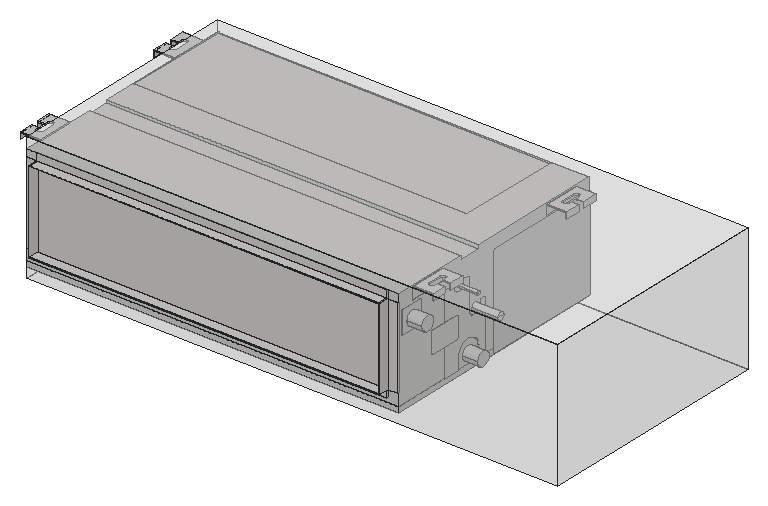
Revit family "outputfile", category 機械設備, Revit 2024
Family settings
  丸型コネクタ寸法 = 半径を使用
  パーツ タイプ = 標準
  OmniClass 番号 = 23.75.10.24.21.27.27
  OmniClass タイトル = Split System Air Conditioning Units
  作業面ベース = いいえ
  常に垂直 = はい
  ロード時にボイドで切り取り = いいえ
  注釈の向きを維持 = いいえ
  共有 = いいえ
  部屋計算ポイント = はい
Parameters (values of type "FPDQ32APV1")
  Description = ""
  書き出し IFC クラス(タイプ) = "IfcUnitaryEquipmentType"
  定義済み IFC タイプ(タイプ) = "AIRCONDITIONINGUNIT"
  Cost = 0
  Type Comments = ""
  Keynote = ""
  Type Image = (empty or 0)
  Assembly Code = ""
  w_RA Duct Size = RA Duct Size Width + 34.0 mm  # 630.0 mm
  r_HP/LP Gas Pipe Size = 4.75 mm
  lw_HP/LP Gas Pipe Size = 60.0 mm  # constant formula
  lh_HP/LP Gas Pipe Size = -103.0 mm
  ld_mountinghole = 67.5 mm  # constant formula
  ld_HP/LP Gas Pipe Size = 131.0 mm
  製造元 = "Daikin"
  モデル = "FPDQ32APV1"
  w_pipe = 33.0 mm
  r_Liquid Pipe Size = Liquid Pipe Size / 2  # 3.2 mm
  r_Gas Pipe Size = Gas Pipe Size / 2  # 6.35 mm
  r_Drain Pipe Size = Drain Pipe Size / 2  # 13.0 mm
  lw_powersupply = 49.5 mm
  lh_suctionflange [instance] = if(Rear Connection_Return Air, 100.0 mm + [h***], 190.0 mm + [h***])  # 100.0 mm
  ld_suctionflange [instance] = if(Rear Connection_Return Air, 190.0 mm, 100.0 mm)  # 190.0 mm
  ld_powersupply = 60.0 mm
  angle_vertical_RA [instance] = if(Rear Connection_Return Air, 90.00°, 0.00°)  # 90.00°
  angle horizontal_RA [instance] = if(Rear Connection_Return Air, 180.00°, 270.00°)  # 180.00°
  Voltage_comment_50Hz = "220 - 240"
  Voltage_50Hz = 230 V
  URL = ""
  Supply Air Direction [instance] = yes
  Sound Power Level_H speed (dB) = 0
  Rear Connection_Return Air [instance] = not(Bottom Connection_Return Air)  # yes
  RA_length = 190.0 mm  # constant formula
  Phase_50Hz = 1
  Minimum External Static Pressure = 10.00 Pa
  Minimum Circuit Amps_50Hz = 0.7 A
  Maximum Fuse Amps_50Hz = 16.0 A
  Maximum External Static Pressure = 30.00 Pa
  Material_Casing = DAIKIN_GalvanizedSteel_Casing_indoorunit
  lw_liquidpipe = 39.0 mm  # constant formula
  lw_gaspipe = 50.5 mm  # constant formula
  lw_mountinghole_pitch = Width + 40.0 mm  # 740.0 mm
  lw_mountinghole = 20.0 mm  # constant formula
  lw_drainpipe = 33.0 mm  # constant formula
  lh_powersupply = 20.0 mm
  lh_liquidpipe = 154.5 mm
  lh_gaspipe = 102.0 mm
  lh_mountinghole = Height + [h***]  # 200.0 mm
  lh_drainpipe = 50.0 mm
  lh_antena = 1.0 mm  # constant formula
  ld_liquidpipe = 141.0 mm
  ld_gaspipe = 178.5 mm  # constant formula
  ld_mountinghole_pitch = 315.0 mm  # constant formula
  ld_drainpipe = 422.0 mm  # constant formula
  ld_controlbox = 626.0 mm  # constant formula
  h*** = 0.0 mm  # constant formula
  d_dischargeflange = 22.2 mm  # constant formula
  Width = 700.0 mm
  Version = "ver.1.0"
  Unit Type = "Compact Ceiling Mounted Duct Type"
  Unit Mass Weight = 17.00 kg
  Unit Designation [instance] = ""
  Uniclass2015Version = "Products v1.30"
  Uniclass2015Title = "Variable refrigerant flow units"
  Uniclass2015Code = "Pr_70_65_03_94"
  Total Cooling Capacity [instance] = 0.000 kW
  Sound Pressure Level_M speed (dBA) = 27
  Sound Pressure Level_L speed (dBA) = 25
  Sound Pressure Level_H speed (dBA) = 29
  Series = "VRV HOME_Fan Coil Unit"
  Sensible Cooling Capacity [instance] = 0.000 kW
  SA Duct Size Width = 660.0 mm
  SA Duct Size Height = 153.0 mm
  Refrigerant Type = "R410A"
  RA Duct Size Width = 596.0 mm
  RA Duct Size Height = 172.0 mm
  Power Input (Cooling) = 0.078 kW
  Option Accessory 3 [instance] = ""
  Option Accessory 2 [instance] = ""
  Option Accessory 1 [instance] = ""
  Nominal Cooling Capacity = 3.600 kW
  Minimum Airflow = 432.00 m³/h
  Median Airflow = 492.00 m³/h
  Maximum Airflow = 552.00 m³/h
  Load Classification = HVAC
  Liquid Pipe Size = 6.4 mm
  Link_Nested Family [instance] = ""
  IfcVersion = ""
  IfcExportType = "AIRCONDITIONINGUNIT"
  IfcExportAs = "IfcUnitaryEquipmentType"
  Height = 200.0 mm
  Heat Exchanger Type = "Cross Fin Coil"
  Gas Pipe Size = 12.7 mm
  Frequency_50Hz = 50 Hz
  Fan Type = "Sirocco Fan"
  Fan Drive = "Direct Drive"
  FCU Tag No. [instance] = ""
  Drain Pipe Size = 26.0 mm
  Design Supply Airflow [instance] = 0.00 m³/h
  Design Return Airflow [instance] = 0.00 m³/h
  Design External Static Pressure [instance] = 0.00 Pa
  Depth = 450.0 mm
  既定の高さ = 0.0 mm
  Cooling Entering Wet Bulb Temperature [instance] = 0.00 °C
  Cooling Entering Dry Bulb Temperature [instance] = 0.00 °C
  Cooling Ambient Wet Bulb Temperature [instance] = 0.00 °C
  Cooling Ambient Dry Bulb Temperature [instance] = 0.00 °C
  Clearance visibility [instance] = yes
  Clearance Top = 20.0 mm
  Clearance Right = 300.0 mm
  Clearance Rear = 0.0 mm
  Clearance Left = 0.0 mm
  Clearance Front = 0.0 mm
  Clearance Bottom = 20.0 mm
  Bottom Connection_Return Air [instance] = no
Reference planes
  plane 1 "Center (Front/Back)": y = 0
  plane 2: z = 0
  plane 3 "Center (Left/Right)": x = 0
  plane 4 "Back": y = 225
  plane 5 "Front": y = -225
  plane 6 "Left": x = -350
  plane 7 "Right": x = 350
  plane 8 "Top": z = 0
  plane 9 "Bottom": z = -200
  plane 10: x = 325
  plane 11: x = -330
  plane 12: z = -180
  plane 13: z = -6
  plane 14: z = -22
  plane 15: z = -45.5
  plane 16: z = -98
  plane 17: x = -304
  plane 18: x = -370
  plane 19: x = 370
  plane 20: y = -157.5
  plane 21: y = 157.5
  plane 22: x = -390
  plane 23: x = 390
  plane 24: x = 389
  plane 25: x = 400.5
  plane 26: x = 383
  plane 27: z = 0
  plane 28: z = -150
  plane 29 "Clearance Left": x = -350
  plane 30 "Clearance Right": x = 650
  plane 31 "Clearance Rear": y = 225
  plane 32 "Clearance Front": y = -225
  plane 33 "Clearance Top": z = 20
  plane 34 "Clearance Bottom": z = -220
  plane 35: z = -14
  plane 36: z = -50
  plane 37: z = -96.5
  plane 38: x = -32
  plane 39: y = -46.5
  plane 40: y = -84
  plane 41: y = -30
  plane 42: y = -197
  plane 43: z = -90.5
  plane 44: y = -224
  plane 45: x = -349
  plane 46: z = -90
  plane 47: z = -30
  plane 48: y = 210
  plane 49: z = -199
  plane 50: y = 35
  plane 51: z = -101
  plane 52: x = 380
  plane 53: z = 11
  plane 54: z = 97.5
  plane 55: y = -94
Forms (mm)
  Extrusion 1, solid, material "DAIKIN_GalvanizedSteel_Casing_indoorunit" <- "Material_Casing"
    sketch origin (0, 0, 0) x (1, 0, 0) y (0, 1, 0)
      loop
        line (-350, -225) -> (350, -225) -> (350, 225) -> (-350, 225) -> (-350, -225)
    from -200 to 0
  Extrusion 2, void
    sketch origin (0, 0, 1) x (1, 0, 0) y (0, 1, 0)
      loop
        line (-350, -78) -> (350, -78) -> (350, -36) -> (-350, -36) -> (-350, -78)
    from -1 to -7
  Revolve 3, solid, material "DAIKIN_GalvanizedSteel_Casing_indoorunit" <- "Material_Casing"
    sketch origin (0, 0, -98) x (0, -1, 0) y (1, 0, 0)
      loop
        line (40.15, 350) -> (46.5, 350) -> (46.5, 400.5) -> (40.15, 400.5) -> (40.15, 350)
      axis (46.5, 350) -> (46.5, 400.5)
    angle from 0 to 360
  Revolve 4, solid, material "DAIKIN_GalvanizedSteel_Casing_indoorunit" <- "Material_Casing"
    sketch origin (0, 0, -45.5) x (0, -1, 0) y (1, 0, 0)
      loop
        line (84, 350) -> (84, 389) -> (80.8, 389) -> (80.8, 350) -> (84, 350)
      axis (84, 389) -> (84, 350)
    angle from 0 to 360
  Extrusion 5, solid, material "DAIKIN_GalvanizedSteel_Casing_indoorunit" <- "Material_Casing"
    sketch origin (350, 0, 33.75) x (0, 1, 0) y (0, 0, 1)
      loop
        circle (-197, -83.75) r 13
    from 0 to 33
  Extrusion 6, solid, material "DAIKIN_GalvanizedSteel_Casing_indoorunit" <- "Material_Casing"
    sketch origin (0, 0, 0) x (1, 0, 0) y (0, 0, 1)
      loop
        line (-350, -189.5) -> (-350, -200) -> (350, -200) -> (350, -189.5) -> (-350, -189.5)
    from 2 to 225
  Extrusion 7, solid, material "DAIKIN_GalvanizedSteel_Casing_indoorunit" <- "Material_Casing", visible <- "Bottom Connection_Return Air"
    sketch origin (0, 225, 0) x (-1, 0, 0) y (0, 0, 1)
      loop
        line (-279, -200) -> (349, -200) -> (349, -1) -> (-279, -1) -> (-279, -200)
    from -1 to 0
  Extrusion 8, void
    sketch origin (0, 225, 0) x (-1, 0, 0) y (0, 0, 1)
      loop
        line (-279, 0) -> (-279, -1) -> (349, -1) -> (349, 0) -> (-279, 0)
    from 0 to -199
  Extrusion 9, solid, material "DAIKIN_GalvanizedSteel_Casing_indoorunit" <- "Material_Casing", visible <- "Rear Connection_Return Air"
    sketch origin (0, 0, 0) x (1, 0, 0) y (0, 1, 0)
      loop
        line (-349, 225) -> (-349, 26) -> (279, 26) -> (279, 225) -> (-349, 225)
    from -200 to -199
  Extrusion 10, solid, material "DAIKIN_GalvanizedSteel_Casing_indoorunit" <- "Material_Casing"
    sketch origin (350, 0, 0) x (0, 1, 0) y (0, 0, 1)
      loop
        line (225, -22.445) -> (1.953, -22.445)
        arc (1.953, -22.445) -> (-0.169, -23.324) -> (-1.047, -25.445) r 3
        line (-1.047, -25.445) -> (-1.047, -195.005)
        arc (-1.047, -195.005) -> (-0.169, -197.126) -> (1.953, -198.005) r 3
        line (1.953, -198.005) -> (225, -198.005) -> (225, -22.445)
    from 1 to 0
  Extrusion 11, solid, material "DAIKIN_GalvanizedSteel_Casing_indoorunit" <- "Material_Casing"
    sketch origin (350, 0, 0) x (0, 1, 0) y (0, 0, 1)
      loop
        circle (-62, -170) r 13
    from 30 to 0
  Extrusion 12, solid, material "DAIKIN_GalvanizedSteel_Casing_indoorunit" <- "Material_Casing"
    sketch origin (350, 0, 0) x (0, 1, 0) y (0, 0, 1)
      loop
        line (-148.682, -97.261) -> (-148.687, -131.178)
        arc (-148.687, -131.178) -> (-147.811, -133.295) -> (-145.695, -134.172) r 2.993
        line (-145.695, -134.172) -> (-91.826, -134.18)
        arc (-91.826, -134.18) -> (-89.709, -133.304) -> (-88.832, -131.187) r 2.994
        line (-88.832, -131.187) -> (-88.832, -97.148)
        arc (-88.832, -97.148) -> (-89.749, -95.111) -> (-91.821, -94.277) r 2.992
        line (-91.821, -94.277) -> (-145.689, -94.269)
        arc (-145.689, -94.269) -> (-147.805, -95.145) -> (-148.682, -97.261) r 2.993
      loop
        line (-176, -70.949) -> (-176, -29) -> (-218, -29) -> (-218, -70.949) -> (-176, -70.949)
    from 0 to 3
  Extrusion 13, solid, material "DAIKIN_GalvanizedSteel_Casing_indoorunit" <- "Material_Casing"
    sketch origin (350, 0, 0) x (0, 1, 0) y (0, 0, 1)
      loop
        line (-37.558, -189.537) -> (-21.994, -189.537) -> (-21.994, -94.768)
        arc (-21.994, -94.768) -> (-22.579, -93.358) -> (-23.989, -92.773) r 1.995
        line (-23.989, -92.773) -> (-30.037, -92.773)
        arc (-30.037, -92.773) -> (-31.448, -93.358) -> (-32.032, -94.768) r 1.995
        line (-32.032, -94.768) -> (-32.032, -98)
        arc (-32.032, -98) -> (-46.255, -112.466) -> (-60.959, -98.49) r 14.468
        line (-60.959, -98.49) -> (-60.959, -42.953)
        arc (-60.959, -42.953) -> (-61.685, -41.568) -> (-63.124, -40.958) r 2.32
        line (-63.124, -40.958) -> (-69.828, -40.958)
        arc (-69.828, -40.958) -> (-71.239, -41.542) -> (-71.823, -42.953) r 1.995
        line (-71.823, -42.953) -> (-71.823, -45.946)
        arc (-71.823, -45.946) -> (-83.794, -57.917) -> (-95.765, -45.946) r 11.971
        line (-95.765, -45.946) -> (-95.765, -42.953)
        arc (-95.765, -42.953) -> (-96.349, -41.542) -> (-97.76, -40.958) r 1.995
        line (-97.76, -40.958) -> (-114.828, -40.958)
        arc (-114.828, -40.958) -> (-116.239, -41.542) -> (-116.823, -42.953) r 1.995
        line (-116.823, -42.953) -> (-116.823, -94.273) -> (-91.821, -94.277)
        arc (-91.821, -94.277) -> (-89.749, -95.111) -> (-88.832, -97.148) r 2.992
        line (-88.832, -97.148) -> (-88.832, -131.186)
        arc (-88.832, -131.186) -> (-89.709, -133.303) -> (-91.826, -134.18) r 2.994
        line (-91.826, -134.18) -> (-116.823, -134.176) -> (-116.823, -189.537) -> (-86.438, -189.537) -> (-86.438, -169.501)
        arc (-86.438, -169.501) -> (-61.998, -145.061) -> (-37.558, -169.501) r 24.44
        line (-37.558, -169.501) -> (-37.558, -189.537)
    from 0 to 1
  Extrusion 14, solid, material "DAIKIN_GalvanizedSteel_Casing_indoorunit" <- "Material_Casing"
    sketch origin (-350, 0, 0) x (0, 1, 0) y (0, 0, 1)
      loop
        line (72.017, -134.38) -> (151.983, -134.38) -> (151.983, -85.62) -> (72.017, -85.62) -> (72.017, -134.38)
    from 0 to -1
  Extrusion 15, solid, material "DAIKIN_GalvanizedSteel_Casing_indoorunit" <- "Material_Casing"
    sketch origin (-350, 0, 0) x (0, 1, 0) y (0, 0, 1)
      loop
        circle (112, -110) r 20.479
    from 0 to -7
  Extrusion 16, solid, material "DAIKIN_GalvanizedSteel_Casing_indoorunit" <- "Material_Casing"
    sketch origin (-350, 0, 0) x (0, 1, 0) y (0, 0, 1)
      loop
        circle (112, -110) r 17.066
    from 0 to -9
  Extrusion 17, solid, material "DAIKIN_GalvanizedSteel_Casing_indoorunit" <- "Material_Casing"
    sketch origin (-350, 0, 0) x (0, 1, 0) y (0, 0, 1)
      loop
        circle (112, -110) r 7.5
    from 0 to -22.5
Cuts and joins
  Extrusion 2, Extrusion 8 cuts Extrusion 1
  Extrusion 8 cuts Extrusion 6
  joined: Extrusion 14, Extrusion 15, Extrusion 16, Extrusion 17
Dimensions and locks
  "lh_powersupply": plane 12 to plane 9 "Bottom"
  locked: plane 8 "Top" to plane 13 at 6
  "Height": plane 8 "Top" to plane 9 "Bottom"
  locked: plane 17 to plane 3 "Center (Left/Right)" at 304
  equal spacing: plane 18, plane 3 "Center (Left/Right)", plane 19
  "lw_mountinghole_pitch": plane 18 to plane 19
  locked: plane 14 to plane 9 "Bottom" at 178
  "lw_mountinghole": plane 22 to plane 18
  "lh_liquidpipe": plane 15 to plane 9 "Bottom"
  "lh_gaspipe": plane 16 to plane 9 "Bottom"
  "lh_mountinghole": plane 27 to plane 9 "Bottom"
  "ld_mountinghole_pitch": plane 21 to plane 20
  equal spacing: plane 6 "Left", plane 3 "Center (Left/Right)", plane 7 "Right"
  "Width": plane 6 "Left" to plane 7 "Right"
  "lh_drainpipe": plane 28 to plane 9 "Bottom"
  "Clearance Right": plane 7 "Right" to plane 30 "Clearance Right"
  "Clearance Left": plane 29 "Clearance Left" to plane 6 "Left"
  "lw_gaspipe": plane 7 "Right" to plane 25
  "lw_liquidpipe": plane 7 "Right" to plane 24
  "lw_drainpipe": plane 7 "Right" to plane 26
  "Clearance Rear": plane 31 "Clearance Rear" to plane 4 "Back"
  "Clearance Front": plane 5 "Front" to plane 32 "Clearance Front"
  "Clearance Top": plane 33 "Clearance Top" to plane 8 "Top"
  "Clearance Bottom": plane 9 "Bottom" to plane 34 "Clearance Bottom"
  plane 8 "Top" to plane 35 = 14.0 mm
  "lh_drainpipe": plane 8 "Top" to plane 36
  locked: plane 37 to plane 9 "Bottom" at 103.5
  locked: plane 35 to plane 43 at 76.5
  "Depth": plane 4 "Back" to plane 5 "Front"
  equal spacing: plane 4 "Back", plane 1 "Center (Front/Back)", plane 5 "Front"
  locked: plane 44 to plane 5 "Front" at 1
  locked: plane 45 to plane 6 "Left" at 1
  Extrusion 7 sketch curve to Extrusion 7 sketch curve = 199.0 mm
  nested 12 to plane 38 = 298.0 mm
  locked: plane 12 to plane 46 at 90
  plane 31 "Clearance Rear" to Extrusion 7 = 0.0 mm
  locked: plane 47 to plane 34 "Clearance Bottom" at 190
  plane 48 to nested 13 = 1.0 mm
  locked: plane 49 to plane 9 "Bottom" at 1
  "ld_suctionflange": plane 4 "Back" to plane 50
  locked: plane 51 to plane 9 "Bottom" at 99
  locked: plane 52 to plane 7 "Right" at 30
  "r_Gas Pipe Size": Revolve 3 sketch curve to Revolve 3 sketch curve
  "ld_gaspipe": plane 39 to plane 5 "Front"
  "r_Liquid Pipe Size": Revolve 4 sketch curve to plane 40
  "ld_liquidpipe": plane 40 to plane 5 "Front"
  "ld_drainpipe": plane 4 "Back" to plane 42
  "ld_HP/LP Gas Pipe Size": plane 55 to plane 5 "Front"
  plane 8 "Top" to plane 15 = 45.5 mm
  Extrusion 2 sketch curve to plane 5 "Front" = 189.0 mm
  "lw_powersupply": nested 11 to plane 7 "Right"
  plane 4 "Back" to nested 11 = 60.0 mm
  locked: plane 7 "Right" to Extrusion 8 sketch curve at 71
  locked: plane 7 "Right" to Extrusion 7 sketch curve at 71
  "ld_mountinghole": plane 20 to plane 5 "Front"
  locked: Extrusion 6 sketch curve to plane 9 "Bottom" at 10.5
  "ld_gaspipe": Revolve 3 sketch curve to plane 5 "Front"
  plane 8 "Top" to Extrusion 12 sketch curve to Extrusion 12 sketch curve = 29.0 mm locked, 41.949 mm locked
  plane 5 "Front" to Extrusion 12 sketch curve to Extrusion 12 sketch curve = 7.0 mm locked, 42.0 mm locked
  "r_Drain Pipe Size": radius of Extrusion 5 sketch curve
  aligned and locked: level to plane 2
  aligned and locked: Extrusion 1 to plane 9 "Bottom"
  aligned and locked: plane 8 "Top" to Extrusion 1
  aligned and locked: Revolve 3 sketch curve to Revolve 3 sketch curve
  aligned and locked: plane 24 to nested 6
  aligned and locked: nested 6 to plane 15
  aligned and locked: nested 2 to plane 21
  aligned and locked: plane 19 to nested 2
  aligned and locked: plane 19 to nested 3
  aligned and locked: plane 18 to nested 4
  aligned and locked: plane 21 to nested 5
  aligned and locked: nested 5 to plane 21
  aligned and locked: plane 18 to nested 5
  aligned and locked: plane 8 "Top" to nested 1
  aligned and locked: Extrusion 6 to plane 5 "Front"
  aligned and locked: Extrusion 6 to plane 9 "Bottom"
  aligned and locked: nested 7 to plane 16
  aligned and locked: plane 39 to nested 7
  aligned and locked: plane 40 to nested 6
  aligned and locked: Extrusion 5 sketch curve to plane 42
  aligned and locked: nested 12 to plane 45
  aligned and locked: plane 4 "Back" to Extrusion 8
  aligned and locked: plane 8 "Top" to Extrusion 2
  aligned and locked: Extrusion 7 to cut or joined group of Extrusion 1, Extrusion 2, Extrusion 8
  aligned and locked: plane 9 "Bottom" to Extrusion 9  (x2)
  aligned and locked: Extrusion 9 to plane 49
  aligned and locked: plane 4 "Back" to nested 12
  aligned and locked: Extrusion 8 to level
  aligned and locked: plane 30 "Clearance Right" to nested 14
  aligned and locked: plane 29 "Clearance Left" to nested 14
  aligned and locked: nested 14 to plane 32 "Clearance Front"
  aligned and locked: nested 14 to plane 33 "Clearance Top"
  aligned and locked: nested 14 to plane 34 "Clearance Bottom"
  aligned and locked: plane 7 "Right" to Extrusion 10
  aligned and locked: Extrusion 2 to plane 13
  aligned and locked: nested 8 to plane 36
  aligned and locked: nested 10 to plane 1 "Center (Front/Back)"
  aligned and locked: plane 45 to Extrusion 7
  aligned and locked: nested 12 to plane 49
  aligned and locked: plane 3 "Center (Left/Right)" to nested 10
  aligned and locked: plane 43 to nested 9
  aligned and locked: level to plane 8 "Top"
  aligned and locked: plane 3 "Center (Left/Right)" to nested 1
  aligned and locked: Extrusion 1 sketch curve to plane 5 "Front"
  aligned and locked: plane 3 "Center (Left/Right)" to nested 16
  aligned and locked: plane 5 "Front" to nested 16
  aligned and locked: nested 9 to plane 5 "Front"
  aligned and locked: plane 40 to Revolve 4 sketch curve  (x2)
  aligned and locked: plane 7 "Right" to nested 7
  aligned and locked: Extrusion 9 sketch curve to cut or joined group of Extrusion 1, Extrusion 2, Extrusion 8
  aligned and locked: plane 45 to nested 13
  aligned and locked: plane 7 "Right" to nested 8
  aligned and locked: plane 42 to nested 8
  aligned and locked: cut or joined group of Extrusion 1, Extrusion 2, Extrusion 8 to Extrusion 9 sketch curve
  aligned and locked: plane 1 "Center (Front/Back)" to nested 1
  aligned and locked: nested 4 to plane 20
  aligned and locked: nested 3 to plane 20
  aligned and locked: nested 16 to plane 35
  aligned and locked: nested 13 to Extrusion 7
  aligned and locked: plane 38 to nested 15
  aligned and locked: nested 15 to plane 50
  aligned and locked: plane 4 "Back" to nested 11
  aligned and locked: plane 12 to nested 11
  aligned and locked: plane 7 "Right" to Revolve 4 sketch curve
  aligned and locked: plane 7 "Right" to Revolve 3 sketch curve
  aligned and locked: Revolve 3 sketch curve to nested 7
  aligned and locked: Extrusion 6 sketch curve to plane 9 "Bottom"
  aligned and locked: plane 31 "Clearance Rear" to nested 14
Automatic sketch dimensions
  Extrusion 1 sketch curve to plane 4 "Back" = 0.0 mm
  Extrusion 1 sketch curve to plane 6 "Left" = 0.0 mm
  Extrusion 1 sketch curve to plane 7 "Right" = 0.0 mm
  Extrusion 2 sketch curve to plane 6 "Left" = 0.0 mm
  Extrusion 2 sketch curve to plane 7 "Right" = 0.0 mm
  Revolve 3 sketch curve to plane 38 = 57.997 mm
  plane 24 to Revolve 3 sketch curve = 1.003 mm
  Revolve 4 sketch curve to plane 24 = 0.0 mm  (x2)
  Revolve 4 sketch curve to Revolve 4 sketch curve = 1.0 mm
  Extrusion 6 sketch curve to plane 6 "Left" = 0.0 mm
  Extrusion 6 sketch curve to plane 7 "Right" = 0.0 mm
  Extrusion 9 sketch curve to plane 45 = 0.0 mm
  Extrusion 9 sketch curve to plane 4 "Back" = 0.0 mm
  Extrusion 10 sketch curve to plane 4 "Back" = 0.0 mm
  plane 49 to Extrusion 10 sketch curve = 0.995 mm
  Extrusion 10 sketch curve to plane 50 = 33.047 mm  (x2)
  Extrusion 10 sketch curve to plane 14 = 3.445 mm
  Extrusion 10 sketch curve to Extrusion 10 sketch curve = 3.0 mm
  plane 36 to Extrusion 5 sketch curve = 0.0 mm
  Extrusion 7 sketch curve to plane 9 "Bottom" = 0.0 mm
  Extrusion 7 sketch curve to plane 45 = 0.0 mm
  Extrusion 8 sketch curve to level = 0.0 mm
  Extrusion 8 sketch curve to plane 45 = 0.0 mm
  Extrusion 8 sketch curve to Extrusion 8 sketch curve = 1.0 mm
  plane 20 to Extrusion 12 sketch curve = 8.813 mm
  Extrusion 12 sketch curve to plane 37 = 0.761 mm
  plane 20 to Extrusion 12 sketch curve = 8.818 mm
  Extrusion 12 sketch curve to Extrusion 12 sketch curve = 2.992 mm
  Extrusion 12 sketch curve to Extrusion 12 sketch curve = 2.993 mm  (x2)
  Extrusion 12 sketch curve to plane 37 = 0.762 mm
  plane 37 to Extrusion 12 sketch curve = 2.231 mm
  plane 55 to Extrusion 12 sketch curve = 2.174 mm
  plane 55 to Extrusion 12 sketch curve = 2.175 mm
  Extrusion 12 sketch curve to plane 37 = 0.77 mm
  plane 55 to Extrusion 12 sketch curve = 2.179 mm  (x2)
  Extrusion 12 sketch curve to plane 37 = 0.648 mm
  Extrusion 12 sketch curve to Extrusion 12 sketch curve = 2.99 mm
  plane 28 to Extrusion 12 sketch curve = 18.822 mm
  Extrusion 12 sketch curve to Extrusion 12 sketch curve = 0.0 mm
  plane 28 to Extrusion 12 sketch curve = 18.814 mm
  Extrusion 12 sketch curve to Extrusion 12 sketch curve = 0.001 mm
  Extrusion 11 sketch curve to plane 39 = 15.5 mm
  plane 12 to Extrusion 11 sketch curve = 10.0 mm
  Extrusion 13 sketch curve to plane 16 = 0.0 mm
  Extrusion 13 sketch curve to plane 39 = 0.0 mm
  plane 15 to Extrusion 13 sketch curve = 2.547 mm
  Extrusion 13 sketch curve to plane 39 = 14.459 mm
  Extrusion 13 sketch curve to plane 39 = 15.498 mm
  Extrusion 13 sketch curve to Extrusion 13 sketch curve = 2.165 mm
  Extrusion 13 sketch curve to Extrusion 13 sketch curve = 2.297 mm
  Extrusion 13 sketch curve to Extrusion 13 sketch curve = 6.704 mm
  Extrusion 13 sketch curve to plane 15 = 0.446 mm
  Extrusion 13 sketch curve to Extrusion 13 sketch curve = 1.995 mm  (x2)
  plane 40 to Extrusion 13 sketch curve = 0.206 mm
  Extrusion 13 sketch curve to plane 40 = 2.438 mm
  Extrusion 13 sketch curve to plane 37 = 0.648 mm
  Extrusion 13 sketch curve to plane 40 = 4.832 mm
  plane 55 to Extrusion 13 sketch curve = 2.179 mm  (x2)
  plane 16 to Extrusion 13 sketch curve = 0.73 mm
  plane 55 to Extrusion 13 sketch curve = 2.175 mm
  plane 55 to Extrusion 13 sketch curve = 2.174 mm
  plane 15 to Extrusion 13 sketch curve = 4.542 mm
  Extrusion 13 sketch curve to Extrusion 13 sketch curve = 17.068 mm
  plane 37 to Extrusion 13 sketch curve = 2.227 mm
  Extrusion 13 sketch curve to plane 55 = 22.823 mm  (x2)
  plane 37 to Extrusion 13 sketch curve = 1.732 mm  (x2)
  Extrusion 13 sketch curve to Extrusion 13 sketch curve = 14.468 mm
  Extrusion 13 sketch curve to plane 41 = 0.037 mm
  plane 41 to Extrusion 13 sketch curve = 6.011 mm
  plane 28 to Extrusion 13 sketch curve = 18.814 mm
  plane 28 to Extrusion 13 sketch curve = 15.824 mm
  plane 12 to Extrusion 13 sketch curve = 10.499 mm
  plane 49 to Extrusion 13 sketch curve = 9.463 mm  (x2)
  plane 15 to Extrusion 13 sketch curve = 2.226 mm
  plane 40 to Extrusion 2 sketch curve = 6.0 mm
  plane 46 to Extrusion 14 sketch curve = 4.38 mm
  plane 50 to Extrusion 14 sketch curve = 37.017 mm
  Extrusion 14 sketch curve to plane 21 = 5.517 mm
  plane 28 to Extrusion 14 sketch curve = 15.62 mm
  Extrusion 15 sketch curve to plane 51 = 9.0 mm
  Extrusion 15 sketch curve to plane 21 = 45.5 mm
  Extrusion 16 sketch curve to plane 51 = 9.0 mm
  Extrusion 16 sketch curve to plane 21 = 45.5 mm
  Extrusion 17 sketch curve to plane 51 = 9.0 mm
  Extrusion 17 sketch curve to plane 21 = 45.5 mm
  radius of Extrusion 11 sketch curve = 13.0 mm
  radius of Extrusion 15 sketch curve = 20.479 mm
  radius of Extrusion 16 sketch curve = 17.066 mm
  radius of Extrusion 17 sketch curve = 7.5 mm
Nested families
  nested 1: "daikin_hangerfixture_FPDQ-APV1" at (0, 0, 0), type "daikin_hangerfixture_FPDQ-APV1"
  nested 2: "daikin_mountinghole" at (370, 157.5, -200), l_antenna <- "lh_antena", Link_Nested Family <- "Link_Nested Family", h_mountinghole <- "lh_mountinghole", type "daikin_mountinghole"
    with show yes, l_antenna 1.0 mm, h_mountinghole 200.0 mm, Link_Nested Family ""
  nested 3: "daikin_mountinghole" at (370, -157.5, -200), Link_Nested Family <- "Link_Nested Family", l_antenna <- "lh_antena", h_mountinghole <- "lh_mountinghole", type "daikin_mountinghole"
    with show yes, l_antenna 1.0 mm, h_mountinghole 200.0 mm, Link_Nested Family ""
  nested 4: "daikin_mountinghole" at (-370, -157.5, -200), l_antenna <- "lh_antena", Link_Nested Family <- "Link_Nested Family", h_mountinghole <- "lh_mountinghole", type "daikin_mountinghole"
    with show yes, l_antenna 1.0 mm, h_mountinghole 200.0 mm, Link_Nested Family ""
  nested 5: "daikin_mountinghole" at (-370, 157.5, -200), l_antenna <- "lh_antena", Link_Nested Family <- "Link_Nested Family", h_mountinghole <- "lh_mountinghole", type "daikin_mountinghole"
    with show yes, l_antenna 1.0 mm, h_mountinghole 200.0 mm, Link_Nested Family ""
  nested 6: "daikin_connector_rotate2" at (350, -84, -45.5) x (0, 1, 0) z (0, 0, 1), length <- "lw_liquidpipe", built-in parameter 1001364 <- "lh_liquidpipe", radius <- "r_Liquid Pipe Size", type "daikin_connector_rotate2"
    with radius 3.2 mm, length 39.0 mm, angle_vertical 90.00°
  nested 7: "daikin_connector_rotate2" at (350, -46.5, -98) x (0, 1, 0) z (0, 0, 1), length <- "lw_gaspipe", built-in parameter 1001364 <- "lh_gaspipe", radius <- "r_Gas Pipe Size", type "daikin_connector_rotate2"
    with radius 6.35 mm, length 50.5 mm, angle_vertical 90.00°
  nested 8: "daikin_connector_rotate2" at (350, -197, -50) x (0, 1, 0) z (0, 0, 1), built-in parameter 1001364 <- "lh_drainpipe", radius <- "r_Drain Pipe Size", length <- "lw_drainpipe", type "daikin_connector_rotate2"
    with radius 13.0 mm, length 33.0 mm, angle_vertical 90.00°
  nested 9: "daikin_connector_rotate2" at (0, -225, -90.5), length <- "d_dischargeflange", type "daikin_connector_rotate2"
    with radius 10.0 mm, length 22.2 mm, angle_vertical 90.00°
  nested 10: "daikin_△_symbolicline" at (-75, -129.904, 200) x (-0.5, 0.866, 0) z (0, 0, 1), built-in parameter 1001364 <- "Height", visible <- "Supply Air Direction", type "daikin_△_symbolicline"
    with length 300.0 mm
  nested 11: "daikin_connector_rotate2" at (300.5, 165, -180) x (-1, 0, 0) z (0, 0, 1), type "daikin_connector_rotate2"
    with radius 10.0 mm, length 60.0 mm, angle_vertical 90.00°
  nested 12: "daikin_ductflange_FPDQ-APV1_2" at (-35, 225, -100), material <- "Material_Casing", visible <- "Rear Connection_Return Air", height <- "RA Duct Size Height", width <- "w_RA Duct Size", type "daikin_ductflange_FPDQ-APV1_2"
    with width 630.0 mm, material DAIKIN_GalvanizedSteel_Casing_indoorunit, height 172.0 mm, depth 21.2 mm
  nested 13: "daikin_ductflange_FPDQ-APV1_2" at (-35, 125, -200) x (1, 0, 0) z (0, 1, 0), material <- "Material_Casing", visible <- "Bottom Connection_Return Air", width <- "w_RA Duct Size", height <- "RA Duct Size Height", type "daikin_ductflange_FPDQ-APV1_2"
    with width 630.0 mm, material DAIKIN_GalvanizedSteel_Casing_indoorunit, height 172.0 mm, depth 21.0 mm
  nested 14: "daikin_clearancespace" at (150, 0, -99.881), visible <- "Clearance visibility", show <- "Clearance visibility", Link_Nested Family <- "Link_Nested Family", type "daikin_clearancespace"
    with width 1000.0 mm, show yes, height 240.0 mm, depth 450.0 mm, Link_Nested Family ""
  nested 15: "daikin_connector_rotate3" at (-32, 35, -100), built-in parameter 1001364 <- "lh_suctionflange", angle_vertical <- "angle_vertical_RA", angle_horizontal <- "angle horizontal_RA", length <- "RA_length", type "daikin_connector_rotate3"
    with show no, radius 10.0 mm, length 190.0 mm, angle_vertical 90.00°, angle_horizontal 180.00°
  nested 16: "daikin_ductflange_FPDQ-APV1_1" at (0, 88.5, -357.201), width <- "SA Duct Size Width", type "daikin_ductflange_FPDQ-APV1_1"
    with width 660.0 mm, material DAIKIN_GalvanizedSteel_Casing_indoorunit, height 155.0 mm, depth 20.0 mm
Connectors
  piping at (400.5, -46.5, -98), diameter 12.7, driven by "r_Gas Pipe Size"
    settings: on nested 7, index 1, connector inside diameter 609.6 mm, connector length 0.0 mm, flow factor 0, pipe flow 0.00 m³/h, pressure drop 0.0 Pa, fitting loss kfactor 0, connector angle 0.00°, fixture units 0, engagement length 0.0 mm, angle of deflection 0.00°, flow configuration 1, flow direction 2, fitting loss method 0, system type 29, joint type 0, gender type 0, connector reference index -1, connector utility 0, adjustable connector no, is connector primary yes, connector description "Refrigerant Gas Piping"
  piping at (389, -84, -45.5), diameter 6.4, driven by "r_Liquid Pipe Size"
    settings: on nested 6, index 2, connector inside diameter 609.6 mm, connector length 0.0 mm, flow factor 0, pipe flow 0.00 m³/h, pressure drop 0.0 Pa, fitting loss kfactor 0, connector angle 0.00°, fixture units 0, engagement length 0.0 mm, angle of deflection 0.00°, flow configuration 1, flow direction 1, fitting loss method 0, system type 29, joint type 0, gender type 0, connector reference index -1, connector utility 0, adjustable connector no, is connector primary no, connector description "Refrigerant Liquid Piping"
  piping at (383, -197, -50), diameter 26, driven by "r_Drain Pipe Size"
    settings: on nested 8, index 3, connector inside diameter 609.6 mm, connector length 0.0 mm, flow factor 0, pipe flow 0.00 m³/h, pressure drop 0.0 Pa, fitting loss kfactor 0, connector angle 0.00°, fixture units 0, engagement length 0.0 mm, angle of deflection 0.00°, flow configuration 1, flow direction 2, fitting loss method 4, system type 16, joint type 0, gender type 0, connector reference index -1, connector utility 0, adjustable connector no, is connector primary no, connector description "Condensate Drain Piping"
  electrical at (300.5, 225, -180), driven by "Load Classification"
    settings: on nested 11, index 9, voltage 0 V, apparent load 0 VA, apparent load phase1 0 VA, apparent load phase2 0 VA, apparent load phase3 0 VA, power factor 1, load classification "HVAC", number of poles 1, system type 30, power factor state 1, is connector primary yes, connector utility no, sub classification motor no, connector description "Power Supply"
  hvac at (0, -247.2, -90.5), driven by "SA Duct Size Height", driven by "SA Duct Size Width"
    settings: on nested 9, index 11, duct flow 0.00 m³/h, flow factor 0, pres drop 0.00 Pa, loss coef 0, conn angle 0.00°, conn width 660.0 mm, conn height 153.0 mm, conn diameter 609.6 mm, duct sys type 1, conn prof type 1, flow config 0, flow direction 2, loss method 4, conn ref index -1, conn util no, is conn primary yes, conn desc "SA Duct"
  hvac at (-32, 225, -100), driven by "RA Duct Size Height", driven by "RA Duct Size Width"
    settings: on nested 15, index 12, duct flow 0.00 m³/h, flow factor 0, pres drop 0.00 Pa, loss coef 0, conn angle 0.00°, conn width 596.0 mm, conn height 172.0 mm, conn diameter 609.6 mm, duct sys type 2, conn prof type 1, flow config 0, flow direction 1, loss method 4, conn ref index -1, conn util no, is conn primary no, conn desc "RA Duct"
  piping at (400.5, -46.5, -98), diameter 12.7, driven by "r_Gas Pipe Size"
    settings: on nested 7, index 13, connector inside diameter 609.6 mm, connector length 0.0 mm, flow factor 0, pipe flow 0.00 m³/h, pressure drop 0.0 Pa, fitting loss kfactor 0, connector angle 0.00°, fixture units 0, engagement length 0.0 mm, angle of deflection 0.00°, flow configuration 1, flow direction 2, fitting loss method 0, system type 29, joint type 0, gender type 0, connector reference index -1, connector utility 0, adjustable connector no, is connector primary no, connector description "Refrigerant Gas Piping"
Definition of nested family "daikin_hangerfixture_FPDQ-APV1"
  Parameters (values of type "daikin_hangerfixture_FPRQ-APVM")
    width = 700.0 mm
    material = none
    height = 65.0 mm
    depth = 620.0 mm
    Default Elevation = 0.0 mm
  Reference planes
    plane 1 "Center (Front/Back)": y = 0
    plane 2: z = 0
    plane 3 "Center (Left/Right)": x = 0
    plane 4: x = 350
    plane 5: y = 310
    plane 6: y = -310
    plane 7: x = -350
  Forms (mm)
    Extrusion 1, solid, material <- "material"
      sketch origin (0, 0, 0) x (1, 0, 0) y (0, 0, 1)
        loop
          line (350, 0) -> (350, -24.477) -> (351.56, -22.917) -> (351.56, -1.56) -> (387.944, -1.56) -> (387.944, -11.312) -> (389.504, -11.312) -> (389.504, 0) -> (350, 0)
      from -310 to 310
    Extrusion 2, void
      sketch origin (0, 0, 0) x (0, 1, 0) y (0, 0, 1)
        loop
          line (310, -30) -> (310, -17.979) -> (87.935, -17.979) -> (75.914, -30) -> (310, -30)
      from 0 to 618
    Extrusion 3, void
      sketch origin (0, 0, 0) x (1, 0, 0) y (0, 1, 0)
        loop
          line (389.5, 163.755) -> (375.851, 163.755) -> (375.851, 169.607)
          arc (375.851, 169.607) -> (370, 175.458) -> (364.149, 169.607) r 5.851
          line (364.149, 169.607) -> (364.149, 145.227)
          arc (364.149, 145.227) -> (370, 139.376) -> (375.851, 145.227) r 5.851
          line (375.851, 145.227) -> (375.851, 151.078) -> (389.5, 151.078) -> (389.5, 163.755)
        loop
          line (389.5, -151.161) -> (375.851, -151.161) -> (375.851, -145.31)
          arc (375.851, -145.31) -> (370, -139.459) -> (364.149, -145.31) r 5.851
          line (364.149, -145.31) -> (364.149, -169.69)
          arc (364.149, -169.69) -> (370, -175.541) -> (375.851, -169.69) r 5.851
          line (375.851, -169.69) -> (375.851, -163.839) -> (389.5, -163.839) -> (389.5, -151.161)
        loop
          line (350, 310) -> (350, 191.548) -> (389.504, 191.548) -> (389.504, 310) -> (350, 310)
        loop
          line (350, 123.285) -> (350, -123.368) -> (389.504, -123.368) -> (389.504, 123.285) -> (350, 123.285)
        loop
          line (350, -191.632) -> (350, -310) -> (389.504, -310) -> (389.504, -191.632) -> (350, -191.632)
      from -254.96 to 618
    Extrusion 4, solid, material <- "material"
      sketch origin (0, 0, 0) x (-1, 0, 0) y (0, 0, -1)
        loop
          line (350, 0) -> (389.504, 0) -> (389.504, 11.312) -> (387.944, 11.312) -> (387.944, 1.56) -> (351.56, 1.56) -> (351.56, 22.917) -> (350, 24.477) -> (350, 0)
      from -310 to 310
    Extrusion 5, void
      sketch origin (0, 0, 0) x (-1, 0, 0) y (0, -1, 0)
        loop
          line (389.5, -151.161) -> (375.851, -151.161) -> (375.851, -145.31)
          arc (375.851, -145.31) -> (370, -139.459) -> (364.149, -145.31) r 5.851
          line (364.149, -145.31) -> (364.149, -169.69)
          arc (364.149, -169.69) -> (370, -175.541) -> (375.851, -169.69) r 5.851
          line (375.851, -169.69) -> (375.851, -163.839) -> (389.5, -163.839) -> (389.5, -151.161)
        loop
          line (389.5, 163.839) -> (375.851, 163.839) -> (375.851, 169.69)
          arc (375.851, 169.69) -> (370, 175.541) -> (364.149, 169.69) r 5.851
          line (364.149, 169.69) -> (364.149, 145.31)
          arc (364.149, 145.31) -> (370, 139.459) -> (375.851, 145.31) r 5.851
          line (375.851, 145.31) -> (375.851, 151.161) -> (389.5, 151.161) -> (389.5, 163.839)
        loop
          line (389.504, 191.632) -> (389.504, 310) -> (350, 310) -> (350, 191.632) -> (389.504, 191.632)
        loop
          line (389.504, 123.368) -> (350, 123.368) -> (350, -123.368) -> (389.504, -123.368) -> (389.504, 123.368)
        loop
          line (389.504, -191.632) -> (350, -191.632) -> (350, -310) -> (389.504, -310) -> (389.504, -191.632)
      from -254.96 to 618
  Cuts and joins
    Extrusion 2, Extrusion 3, Extrusion 5 cuts Extrusion 1
    Extrusion 5 cuts Extrusion 4
  Dimensions and locks
    equal spacing: plane 5, plane 1 "Center (Front/Back)", plane 6
    "depth": plane 5 to plane 6
    plane 6 to plane 1 "Center (Front/Back)" to plane 5 = 310.0 mm, 310.0 mm
    locked: Extrusion 1 sketch curve to plane 4 at 1.56
    locked: level to Extrusion 1 sketch curve at 1.56
    locked: Extrusion 1 sketch curve to plane 4 at 39.504
    locked: level to Extrusion 1 sketch curve at 11.312
    locked: Extrusion 1 sketch curve to Extrusion 1 sketch curve at 1.56
    locked: level to Extrusion 1 sketch curve at 24.477
    equal spacing: plane 7, plane 3 "Center (Left/Right)", plane 4
    "width": plane 7 to plane 4
    locked: plane 7 to Extrusion 4 sketch curve at 1.56
    locked: level to Extrusion 4 sketch curve at 11.312
    locked: plane 7 to Extrusion 4 sketch curve at 39.504
    locked: Extrusion 4 sketch curve to Extrusion 4 sketch curve at 1.56
    locked: plane 2 to Extrusion 4 sketch curve at 1.56
    locked: plane 2 to Extrusion 4 sketch curve at 24.477
    aligned and locked: level to plane 2
    aligned and locked: plane 5 to Extrusion 1
    aligned and locked: Extrusion 1 to plane 6
    aligned and locked: Extrusion 1 to plane 4
    aligned and locked: plane 5 to cut or joined group of Extrusion 1, Extrusion 2, Extrusion 3, Extrusion 5
    aligned and locked: cut or joined group of Extrusion 1, Extrusion 2, Extrusion 3, Extrusion 5 to plane 6
    aligned and locked: level to cut or joined group of Extrusion 1, Extrusion 2, Extrusion 3, Extrusion 5
    aligned and locked: plane 5 to cut or joined group of Extrusion 4, Extrusion 5
    aligned and locked: cut or joined group of Extrusion 4, Extrusion 5 to plane 6
    aligned and locked: Extrusion 1 sketch curve to level
    aligned and locked: Extrusion 4 sketch curve to plane 7
    aligned and locked: plane 2 to Extrusion 4 sketch curve
  Automatic sketch dimensions
    Extrusion 2 sketch curve to plane 5 = 0.0 mm
    Extrusion 2 sketch curve to level = 17.979 mm
    Extrusion 2 sketch curve to plane 1 "Center (Front/Back)" = 87.935 mm
    Extrusion 2 sketch curve to level = 30.0 mm
    Extrusion 2 sketch curve to Extrusion 2 sketch curve = 12.021 mm
    Extrusion 1 sketch curve to plane 4 = 0.0 mm
    Extrusion 1 sketch curve to Extrusion 1 sketch curve = 1.56 mm
    Extrusion 4 sketch curve to Extrusion 4 sketch curve = 1.56 mm
    Extrusion 3 sketch curve to plane 4 = 0.0 mm  (x3)
    Extrusion 3 sketch curve to plane 5 = 0.0 mm
    Extrusion 3 sketch curve to plane 6 = 0.0 mm
    plane 4 to Extrusion 3 sketch curve = 14.149 mm  (x2)
    Extrusion 3 sketch curve to Extrusion 3 sketch curve = 5.851 mm  (x8)
    Extrusion 3 sketch curve to Extrusion 3 sketch curve = 13.649 mm  (x2)
    Extrusion 3 sketch curve to Extrusion 3 sketch curve = 13.653 mm  (x3)
    plane 6 to Extrusion 3 sketch curve = 118.368 mm
    Extrusion 3 sketch curve to Extrusion 3 sketch curve = 21.942 mm  (x4)
    Extrusion 3 sketch curve to Extrusion 3 sketch curve = 12.678 mm  (x2)
    Extrusion 3 sketch curve to plane 1 "Center (Front/Back)" = 123.285 mm
    Extrusion 5 sketch curve to plane 5 = 0.0 mm
    Extrusion 5 sketch curve to plane 7 = 0.0 mm  (x3)
    Extrusion 5 sketch curve to plane 6 = 0.0 mm
    Extrusion 5 sketch curve to plane 7 = 14.149 mm  (x2)
    Extrusion 5 sketch curve to Extrusion 5 sketch curve = 5.851 mm  (x8)
    Extrusion 5 sketch curve to Extrusion 5 sketch curve = 13.649 mm  (x2)
    Extrusion 5 sketch curve to Extrusion 5 sketch curve = 13.653 mm  (x3)
    Extrusion 5 sketch curve to Extrusion 5 sketch curve = 118.368 mm
    Extrusion 5 sketch curve to Extrusion 5 sketch curve = 21.942 mm  (x4)
    Extrusion 5 sketch curve to Extrusion 5 sketch curve = 12.678 mm  (x2)
    plane 1 "Center (Front/Back)" to Extrusion 5 sketch curve = 123.368 mm
Definition of nested family "daikin_ductflange_FPDQ-APV1_2"
  Parameters (values of type "daikin_ductflange_FPDQ-APV1_2")
    width [instance] = 620.0 mm
    material [instance] = none
    height [instance] = 160.0 mm
    depth [instance] = 21.2 mm
    Default Elevation = 0.0 mm
  Reference planes
    plane 1 "Center (Front/Back)": y = 0
    plane 2: z = 0
    plane 3 "Center (Left/Right)": x = 0
    plane 4: y = -313.5
    plane 5: y = -334.7
    plane 6: x = -310
    plane 7: x = 310
    plane 8: z = 80
    plane 9: z = -80
    plane 10: z = 100
    plane 11: z = -100
    plane 12: x = -309
    plane 13: x = 309
  Forms (mm)
    Extrusion 1, solid, material <- "material"
      sketch origin (0, 0, 0) x (1, 0, 0) y (0, 0, 1)
        loop
          line (-290, 80) -> (-290, -80) -> (296, -80) -> (296, 80) -> (-290, 80)
        loop
          line (-309, -99) -> (309, -99) -> (309, 99) -> (-309, 99) -> (-309, -99)
      from 0 to 1
  Dimensions and locks
    plane 4 to plane 1 "Center (Front/Back)" = 313.5 mm
    "depth": plane 5 to plane 4
    equal spacing: plane 7, plane 3 "Center (Left/Right)", plane 6, locked at 310 each
    "width": plane 7 to plane 6
    equal spacing: plane 8, level, plane 9
    "height": plane 8 to plane 9
    equal spacing: plane 10, level, plane 11, locked at 100 each
    locked: plane 10 to plane 11 at 200
    plane 12 to plane 6 = 1.0 mm
    locked: plane 7 to plane 13 at 1
    Extrusion 1 sketch curve to Extrusion 1 sketch curve = 19.0 mm  (x2)
    locked: Extrusion 1 sketch curve to Extrusion 1 sketch curve at 19
    locked: Extrusion 1 sketch curve to Extrusion 1 sketch curve at 13
    locked: plane 10 to Extrusion 1 sketch curve at 1
    locked: Extrusion 1 sketch curve to plane 11 at 1
    aligned and locked: level to plane 2
    aligned and locked: plane 8 to Extrusion 1
    aligned and locked: plane 9 to Extrusion 1
  Automatic sketch dimensions
    plane 6 to Extrusion 1 sketch curve = 1.0 mm
    Extrusion 1 sketch curve to plane 7 = 1.0 mm
Definition of nested family "daikin_clearancespace"
  Parameters (values of type "daikin_clearancespace")
    Description = "daikin_clearancespace"
    width [instance] = 1823.963 mm
    show [instance] = yes
    material = none
    height [instance] = 1359.762 mm
    depth [instance] = 880.0 mm
    Default Elevation = 0.0 mm
    Link_Nested Family [instance] = ""
  Reference planes
    plane 1 "Center (Front/Back)": y = 0
    plane 2 "Center (Elevation)": z = -0.119
    plane 3 "Center (Left/Right)": x = 0
    plane 4: y = 440
    plane 5: y = -440
    plane 6 "Right": x = 911.982
    plane 7 "Left": x = -911.982
    plane 8 "Top": z = 679.762
    plane 9 "Bottom": z = -680
  Forms (mm)
    Extrusion 1, solid, material <- "material", visible <- "show"
      sketch origin (0, 0, 0) x (1, 0, 0) y (0, 1, 0)
        loop
          line (-911.982, 440) -> (-911.982, -440) -> (911.982, -440) -> (911.982, 440) -> (-911.982, 440)
      from -680 to 679.762
  Lines and regions (mm)
    symbolic lines, visible <- "show"
      curve 1: line (911.982, 440, 0) -> (-911.982, 440, 0)
      curve 2: line (-911.982, 440, 0) -> (-911.982, -440, 0)
      curve 3: line (-911.982, -440, 0) -> (911.982, -440, 0)
      curve 4: line (911.982, -440, 0) -> (911.982, 440, 0)
      curve 5: line (911.982, 0, 679.762) -> (-911.982, 0, 679.762)
      curve 6: line (911.982, 0, -680) -> (911.982, 0, 679.762)
      curve 7: line (-911.982, 0, -680) -> (911.982, 0, -680)
      curve 8: line (-911.982, 0, 679.762) -> (-911.982, 0, -680)
      curve 9: line (0, 440, 679.762) -> (0, -440, 679.762)
      curve 10: line (0, -440, 679.762) -> (0, -440, -680)
      curve 11: line (0, 440, -680) -> (0, 440, 679.762)
      curve 12: line (0, -440, -680) -> (0, 440, -680)
  Dimensions and locks
    "width": plane 7 "Left" to plane 6 "Right"
    "depth": plane 4 to plane 5
    "height": plane 8 "Top" to plane 9 "Bottom"
    equal spacing: plane 7 "Left", plane 3 "Center (Left/Right)", plane 6 "Right"
    equal spacing: plane 4, plane 1 "Center (Front/Back)", plane 5
    equal spacing: plane 8 "Top", plane 2 "Center (Elevation)", plane 9 "Bottom"
    aligned and locked: level to plane 2 "Center (Elevation)"
    aligned and locked: Extrusion 1 sketch curve to plane 4
    aligned and locked: plane 7 "Left" to Extrusion 1 sketch curve
    aligned and locked: Extrusion 1 sketch curve to plane 5
    aligned and locked: Extrusion 1 sketch curve to plane 6 "Right"
    aligned and locked: plane 8 "Top" to Extrusion 1
    aligned and locked: curve 1 to Extrusion 1
    aligned and locked: curve 2 to Extrusion 1
    aligned and locked: curve 3 to Extrusion 1
    aligned and locked: curve 4 to Extrusion 1
    aligned and locked: curve 5 to Extrusion 1
    aligned and locked: curve 6 to Extrusion 1
    aligned and locked: curve 7 to Extrusion 1
    aligned and locked: curve 8 to Extrusion 1
    aligned and locked: curve 9 to Extrusion 1
    aligned and locked: curve 10 to Extrusion 1
    aligned and locked: curve 11 to Extrusion 1
    aligned and locked: curve 12 to Extrusion 1
    aligned and locked: Extrusion 1 to plane 9 "Bottom"
Definition of nested family "daikin_ductflange_FPDQ-APV1_1"
  Parameters (values of type "daikin_ductflange_FPRQ-APVM_1")
    width [instance] = 660.0 mm
    material [instance] = none
    height [instance] = 155.0 mm
    depth [instance] = 22.2 mm
    Default Elevation = 0.0 mm
  Reference planes
    plane 1 "Center (Front/Back)": y = 0
    plane 2: z = 189.201
    plane 3 "Center (Left/Right)": x = 0
    plane 4: y = -313.5
    plane 5: x = -330
    plane 6: x = 330
    plane 7: y = -335.7
    plane 8: z = 344.201
    plane 9: z = 266.701
    plane 10: z = 343.201
    plane 11: z = 190.201
  Forms (mm)
    Extrusion 1, solid, material <- "material"
      sketch origin (0, 0, 189.201) x (1, 0, 0) y (0, 1, 0)
        loop
          line (-330, -335.7) -> (-330, -313.5) -> (-350, -313.5) -> (-350, -314.5) -> (-331, -314.5) -> (-331, -335.7) -> (-330, -335.7)
        loop
          line (330, -335.7) -> (331, -335.7) -> (331, -314.5) -> (350, -314.5) -> (350, -313.5) -> (330, -313.5) -> (330, -335.7)
      from 1 to 154
    Extrusion 2, solid, material <- "material"
      sketch origin (0, 0, 0) x (0, 1, 0) y (0, 0, 1)
        loop
          line (-313.5, 343.201) -> (-313.5, 357.201) -> (-314.5, 357.201) -> (-314.5, 344.201) -> (-335.7, 344.201) -> (-335.7, 343.201) -> (-313.5, 343.201)
        loop
          line (-313.5, 190.201) -> (-335.7, 190.201) -> (-335.7, 189.201) -> (-314.5, 189.201) -> (-314.5, 176.201) -> (-313.5, 176.201) -> (-313.5, 190.201)
      from -330 to 330
  Dimensions and locks
    plane 4 to plane 1 "Center (Front/Back)" = 313.5 mm
    "depth": plane 7 to plane 4
    equal spacing: plane 8, plane 9, level
    "height": plane 8 to level
    equal spacing: plane 6, plane 3 "Center (Left/Right)", plane 5
    "width": plane 6 to plane 5
    locked: plane 8 to plane 10 at 1
    locked: plane 11 to level at 1
    locked: Extrusion 1 to Extrusion 2 sketch curve at 1
    locked: Extrusion 2 sketch curve to Extrusion 1 at 1
    locked: Extrusion 1 sketch curve to Extrusion 1 sketch curve at 1  (x2)
    locked: Extrusion 1 sketch curve to plane 5 at 20
    locked: plane 6 to Extrusion 1 sketch curve at 20
    aligned and locked: level to plane 2
    aligned and locked: plane 4 to Extrusion 1  (x2)
    aligned and locked: plane 5 to Extrusion 1
    aligned and locked: Extrusion 1 to plane 7  (x2)
    aligned and locked: Extrusion 1 to plane 6
    aligned and locked: Extrusion 1 to plane 10
    aligned and locked: Extrusion 1 to plane 11
    aligned and locked: plane 10 to Extrusion 1
    aligned and locked: plane 11 to Extrusion 1
    aligned and locked: Extrusion 2 to plane 5
    aligned and locked: plane 5 to Extrusion 2
    aligned and locked: plane 6 to Extrusion 2
    aligned and locked: Extrusion 2 to plane 6
    aligned and locked: Extrusion 2 to plane 11
    aligned and locked: Extrusion 2 to plane 10
  Automatic sketch dimensions
    Extrusion 1 sketch curve to plane 4 = 0.0 mm  (x2)
    Extrusion 1 sketch curve to plane 7 = 0.0 mm  (x2)
    Extrusion 1 sketch curve to plane 5 = 0.0 mm
    Extrusion 1 sketch curve to plane 5 = 1.0 mm
    plane 6 to Extrusion 1 sketch curve = 1.0 mm
    Extrusion 2 sketch curve to plane 7 = 0.0 mm  (x2)
    Extrusion 2 sketch curve to plane 4 = 0.0 mm  (x2)
    Extrusion 2 sketch curve to plane 11 = 0.0 mm
    Extrusion 2 sketch curve to plane 10 = 0.0 mm
    Extrusion 2 sketch curve to plane 4 = 1.0 mm  (x2)
    Extrusion 2 sketch curve to level = 13.0 mm
    plane 8 to Extrusion 2 sketch curve = 13.0 mm
    Extrusion 1 sketch curve to plane 6 = 0.0 mm
Definition of nested family "daikin_mountinghole"
  Parameters (values of type "daikin_mountinghole")
    Default Elevation = 1219.2 mm
    Type Comments = "mountinghole"
    show [instance] = yes
    material = none
    l_centerline = 100.0 mm
    l_antenna [instance] = 100.0 mm
    h_mountinghole [instance] = 0.0 mm
    d_circle = 30.0 mm
    Link_Nested Family [instance] = ""
  Reference planes
    plane 1 "Center (Front/Back)": y = 0
    plane 2: z = 0
    plane 3 "Center (Left/Right)": x = 0
    plane 4: y = 50
    plane 5: x = -50
    plane 6: x = 50
    plane 7: y = -50
    plane 8 "h_mountinghole": z = 0
    plane 9: z = 100
  Lines and regions (mm)
    model lines, detail levels fine
      curve 1: circle (0, 0, 0) r 15 normal (0, 0, 1)
      curve 2: line (-50, 0, 0) -> (50, 0, 0)
      curve 3: line (0, 50, 0) -> (0, -50, 0)
    symbolic lines, detail levels fine
      curve 4: circle (0, 0, 0) r 15 normal (0, 0, 1)
      curve 5: line (-50, 0, 0) -> (50, 0, 0)
      curve 6: line (0, 50, 0) -> (0, -50, 0)
    model lines
      curve 7: line (0, 0, 100) -> (0, 0, 0)
  Dimensions and locks
    equal spacing: plane 4, plane 1 "Center (Front/Back)", plane 7
    "l_centerline": plane 4 to plane 7
    equal spacing: plane 5, plane 3 "Center (Left/Right)", plane 6
    "l_centerline": plane 5 to plane 6
    "l_antenna": plane 9 to plane 8 "h_mountinghole"
    "h_mountinghole": plane 8 "h_mountinghole" to plane 2
    "d_circle": diameter of curve 1
    "d_circle": diameter of curve 4
    aligned and locked: level to plane 2
    aligned and locked: plane 1 "Center (Front/Back)" to curve 1
    aligned and locked: plane 3 "Center (Left/Right)" to curve 1
    aligned and locked: plane 1 "Center (Front/Back)" to curve 2
    aligned and locked: curve 3 to plane 3 "Center (Left/Right)"
    aligned and locked: plane 6 to curve 2
    aligned and locked: plane 5 to curve 2
    aligned and locked: plane 4 to curve 3
    aligned and locked: plane 7 to curve 3
    aligned and locked: plane 1 "Center (Front/Back)" to curve 4
    aligned and locked: plane 3 "Center (Left/Right)" to curve 4
    aligned and locked: plane 6 to curve 5
    aligned and locked: plane 5 to curve 5
    aligned and locked: plane 1 "Center (Front/Back)" to curve 5
    aligned and locked: plane 4 to curve 6
    aligned and locked: plane 7 to curve 6
    aligned and locked: curve 6 to plane 3 "Center (Left/Right)"
    aligned and locked: curve 7 to plane 3 "Center (Left/Right)"
    aligned and locked: plane 9 to curve 7
    aligned and locked: plane 8 "h_mountinghole" to curve 7
Definition of nested family "daikin_connector_rotate2"
  Parameters (values of type "daikin_connector_rotate2")
    show_face = no
    radius [instance] = 10.0 mm
    length [instance] = 600.0 mm
    d_surface = 10.0 mm
    angle_vertical [instance] = 90.00°
    Default Elevation = 0.0 mm
  Reference planes
    plane 1 "Center (Front/Back)": y = 0
    plane 2: z = 0
    plane 3 "Center (Left/Right)": x = 0
  Forms (mm)
    Extrusion 1, solid, visible <- "show_face"
      sketch origin (0, -600, 0) x (1, 0, 0) y (0, 0, 1)
        loop
          circle (0, 0) r 10
      from 0 to -10
  Lines and regions (mm)
    reference lines
      curve 1: line (0, 0, 0) -> (0, -600, 0)
    symbolic lines
      curve 2: circle (0, 0, 0) r 5 normal (0, 0, 1)
    model lines, visible <- "show_face"
      curve 3: line (0, 0, 0) -> (0, -600, 0)
  Dimensions and locks
    "length": curve 1 to curve 1
    "length": curve 3 to curve 3
    "d_surface": Extrusion 1 to Extrusion 1
    "radius": radius of Extrusion 1 sketch curve
    "angle_vertical": angle curve 1 to plane 1 "Center (Front/Back)"
    "angle_vertical": angle curve 3 to plane 1 "Center (Front/Back)"
    aligned and locked: level to plane 2
    aligned and locked: plane 1 "Center (Front/Back)" to curve 1
    aligned and locked: plane 2 to curve 1
    aligned and locked: plane 1 "Center (Front/Back)" to curve 2
    aligned and locked: plane 3 "Center (Left/Right)" to curve 2
    aligned and locked: plane 1 "Center (Front/Back)" to curve 3
    aligned and locked: plane 2 to curve 3
    aligned and locked: Extrusion 1 to Extrusion 1
  Automatic sketch dimensions
    Extrusion 1 sketch curve to level = 0.0 mm
    Extrusion 1 sketch curve to plane 3 "Center (Left/Right)" = 0.0 mm
    radius of curve 2 = 5.0 mm
Definition of nested family "daikin_△_symbolicline"
  Parameters (values of type "daikin_△_symbolicline")
    length [instance] = 500.0 mm
    Default Elevation = 0.0 mm
  Reference planes
    plane 1 "Center (Front/Back)": y = 0
    plane 2: z = 0
    plane 3 "Center (Left/Right)": x = 0
  Lines and regions (mm)
    symbolic lines
      curve 1: line (0, -433.013, 0) -> (250, 0, 0)
      curve 2: line (250, 0, 0) -> (-250, 0, 0)
      curve 3: line (-250, 0, 0) -> (0, -433.013, 0)
  Dimensions and locks
    equal spacing: curve 3, plane 3 "Center (Left/Right)", curve 2
    "length": curve 3 to curve 2
    "length": curve 3 to curve 3
    "length": curve 1 to curve 1
    aligned and locked: level to plane 2
    aligned and locked: curve 2 to plane 1 "Center (Front/Back)"
    aligned and locked: plane 3 "Center (Left/Right)" to curve 3
Definition of nested family "daikin_connector_rotate3"
  Parameters (values of type "daikin_connector_rotate3")
    Default Elevation = 0.0 mm
    show [instance] = no
    radius [instance] = 10.0 mm
    length [instance] = 600.0 mm
    angle_horizontal [instance] = 60.00°
    angle_vertical [instance] = 90.00°
  Reference planes
    plane 1 "Center (Front/Back)": y = 0
    plane 2: z = 0
    plane 3 "Center (Left/Right)": x = 0
  Dimensions and locks
    "angle_horizontal": angle plane 3 "Center (Left/Right)" to nested 1
    aligned and locked: level to plane 2
    aligned and locked: plane 1 "Center (Front/Back)" to nested 1  (x2)
    aligned and locked: plane 3 "Center (Left/Right)" to nested 1
  Nested families
    nested 1: "daikin_connector_rotate2" at (0, 0, 0) x (0.5, 0.866, 0) z (0, 0, 1), angle_vertical <- "angle_vertical", length <- "length", radius <- "radius", type "daikin_connector_rotate2"
      with radius 10.0 mm, length 600.0 mm, angle_vertical 90.00°, show_face no
  Definition of nested family "daikin_connector_rotate2"
    Parameters (values of type "daikin_connector_rotate2")
      show_face = yes
      radius [instance] = 10.0 mm
      length [instance] = 600.0 mm
      d_surface = 10.0 mm
      angle_vertical [instance] = 90.00°
      Default Elevation = 0.0 mm
    Reference planes
      plane 1 "Center (Front/Back)": y = 0
      plane 2: z = 0
      plane 3 "Center (Left/Right)": x = 0
    Forms (mm)
      Extrusion 1, solid, visible <- "show_face"
        sketch origin (0, -600, 0) x (1, 0, 0) y (0, 0, 1)
          loop
            circle (0, 0) r 10
        from 0 to -10
    Lines and regions (mm)
      reference lines
        curve 1: line (0, 0, 0) -> (0, -600, 0)
      symbolic lines
        curve 2: circle (0, 0, 0) r 5 normal (0, 0, 1)
      model lines, visible <- "show_face"
        curve 3: line (0, 0, 0) -> (0, -600, 0)
    Dimensions and locks
      "length": curve 1 to curve 1
      "length": curve 3 to curve 3
      "d_surface": Extrusion 1 to Extrusion 1
      "radius": radius of Extrusion 1 sketch curve
      "angle_vertical": angle curve 1 to plane 1 "Center (Front/Back)"
      "angle_vertical": angle curve 3 to plane 1 "Center (Front/Back)"
      aligned and locked: level to plane 2
      aligned and locked: plane 1 "Center (Front/Back)" to curve 1
      aligned and locked: plane 2 to curve 1
      aligned and locked: plane 1 "Center (Front/Back)" to curve 2
      aligned and locked: plane 3 "Center (Left/Right)" to curve 2
      aligned and locked: plane 1 "Center (Front/Back)" to curve 3
      aligned and locked: plane 2 to curve 3
      aligned and locked: Extrusion 1 to Extrusion 1
    Automatic sketch dimensions
      Extrusion 1 sketch curve to level = 0.0 mm
      Extrusion 1 sketch curve to plane 3 "Center (Left/Right)" = 0.0 mm
      radius of curve 2 = 5.0 mm
